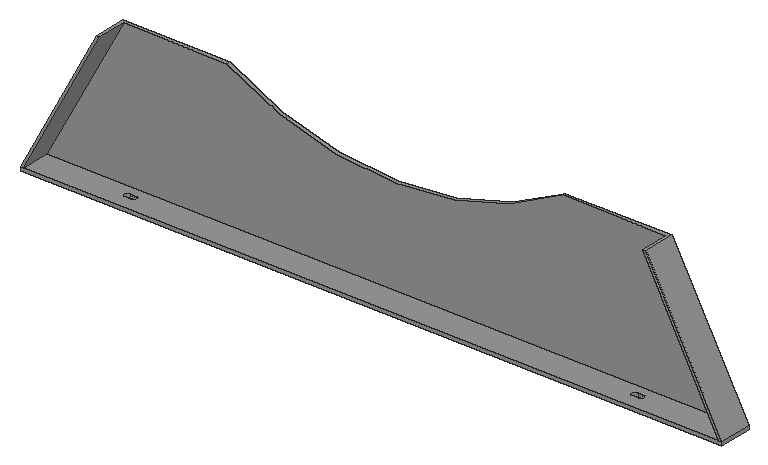
Revit family "О-ВО_Eng", category Duct Accessories, Revit 2021
Family settings
  Round Connector Dimension = Use Diameter
  Part Type = Attaches To
  Work Plane-Based = No
  Always vertical = Yes
  Cut with Voids When Loaded = No
  Shared = No
Parameters (values of type "O-VO-1000")
  Width = M  # 52 mm
  Weight = 7.20 kg
  Load Classification = "HVAC"
  Length = A  # 1120 mm
  Height = H  # 235 mm
  Default Elevation = 0 mm
  Manufacturer = "Vents"  # constant formula
  n = 4
  d = 8 mm
  a = 400 mm
  URL = "https://ventilation-system.com/series/o-vo"
  R4 = R3 - R2  # 130.556 mm
  R3 = R2 + H / 1.8  # 665.556 mm
  R2 = 535 mm
  R1 = 507 mm
  Maintenance zone material = none
  M1 = M - 5 mm  # 47 mm
  M = 52 mm
  Casing Material = Metal, painted, blue, matte RAL 5007
  H = 235 mm
  B1 = B - 10 mm  # 865 mm
  B = 875 mm
  A1 = A - 10 mm  # 1110 mm
  A = 1120 mm
  09_System_Name [instance] = ""
  00_20_Type = "O-VO-1000"
  00_20_Name = "Carrier"  # constant formula
  00_20_Manufacturer = "Vents"  # constant formula
Types (12, lengths in mm): name | Width | Weight | Length | Height | a | R4 | R3 | R2 | R1 | M1 | M | H | B1 | B | A1 | A | 00_20_Type
  (no name) | 52 | 7.20 kg | 1120 | 235 | 400 | 130.556 | 665.556 | 535 | 507 | 47 | 52 | 235 | 865 | 875 | 1110 | 1120 | "O-VO-1000"
  O-VO-400 | 45 | 1.15 kg | 510 | 115 | 160 | 63.889 | 288.889 | 225 | 207 | 40 | 45 | 115 | 385 | 395 | 500 | 510 | "O-VO-400"
  O-VO-450 | 45 | 1.30 kg | 560 | 125 | 180 | 69.444 | 319.444 | 250 | 232 | 40 | 45 | 125 | 425 | 435 | 550 | 560 | "O-VO-450"
  O-VO-500 | 45 | 1.40 kg | 610 | 130 | 200 | 72.222 | 352.222 | 280 | 257 | 40 | 45 | 130 | 470 | 480 | 600 | 610 | "O-VO-500"
  O-VO-560 | 45 | 1.60 kg | 670 | 140 | 230 | 77.778 | 387.778 | 310 | 287 | 40 | 45 | 140 | 515 | 525 | 660 | 670 | "O-VO-560"
  O-VO-630 | 45 | 1.80 kg | 740 | 150 | 255 | 83.333 | 428.333 | 345 | 322 | 40 | 45 | 150 | 565 | 575 | 730 | 740 | "O-VO-630"
  O-VO-710 | 45 | 2.00 kg | 820 | 160 | 280 | 88.889 | 473.889 | 385 | 362 | 40 | 45 | 160 | 620 | 630 | 810 | 820 | "O-VO-710"
  O-VO-800 | 45 | 2.35 kg | 910 | 180 | 315 | 100 | 530 | 430 | 407 | 40 | 45 | 180 | 695 | 705 | 900 | 910 | "O-VO-800"
  O-VO-900 | 52 | 6.30 kg | 1020 | 215 | 360 | 119.444 | 604.444 | 485 | 457 | 47 | 52 | 215 | 785 | 795 | 1010 | 1020 | "O-VO-900"
  O-VO-1000 | 52 | 7.20 kg | 1120 | 235 | 400 | 130.556 | 665.556 | 535 | 507 | 47 | 52 | 235 | 865 | 875 | 1110 | 1120 | "O-VO-1000"
  O-VO-1120 | 52 | 9.10 kg | 1240 | 270 | 460 | 150 | 745 | 595 | 567 | 47 | 52 | 270 | 992 | 1002 | 1230 | 1240 | "O-VO-1120"
  O-VO-1250 | 52 | 10.25 kg | 1370 | 285 | 510 | 158.333 | 818.333 | 660 | 632 | 47 | 52 | 285 | 1077 | 1087 | 1360 | 1370 | "O-VO-1250"
Reference planes
  plane 1 "По центру (Вперед/Назад)": y = 0
  plane 2: z = 0
  plane 3 "По центру (Влево/Вправо)": x = 0
Forms (mm)
  Extrusion 1, solid, material "Metal, painted, blue, matte RAL 5007" <- "Casing Material"
    sketch origin (0, 0, 0) x (1, 0, 0) y (0, 1, 0)
      loop
        line (-560, 52) -> (-560, 0) -> (560, 0) -> (560, 52) -> (-560, 52)
    from 0 to 5
  Extrusion 2, solid, material "Metal, painted, blue, matte RAL 5007" <- "Casing Material"
    sketch origin (0, 0, 0) x (1, 0, 0) y (0, 0, 1)
      loop
        line (-560, 5) -> (560, 5) -> (437.5, 235) -> (267.714, 235)
        arc (267.714, 235) -> (0, 158.556) -> (-267.714, 235) r 507
        line (-267.714, 235) -> (-437.5, 235) -> (-560, 5)
    from 0 to -52
  Extrusion 3, void
    sketch origin (0, 0, 0) x (1, 0, 0) y (0, 0, 1)
      loop
        line (-555, 5) -> (555, 5) -> (432.5, 235) -> (267.714, 235)
        arc (267.714, 235) -> (0, 158.556) -> (-267.714, 235) r 507
        line (-267.714, 235) -> (-432.5, 235) -> (-555, 5)
    from 0 to -47
  Extrusion 4, void
    sketch origin (0, 0, 0) x (1, 0, 0) y (0, 1, 0)
      loop
        arc (-409.99, 31) -> (-414.99, 26) -> (-409.99, 21) r 5
        line (-409.99, 21) -> (-400, 21)
        arc (-400, 21) -> (-395, 26) -> (-400, 31) r 5
        line (-400, 31) -> (-409.99, 31)
      loop
        line (409.99, 31) -> (400, 31)
        arc (400, 31) -> (395, 26) -> (400, 21) r 5
        line (400, 21) -> (409.99, 21)
        arc (409.99, 21) -> (414.99, 26) -> (409.99, 31) r 5
    from 5 to 0
Cuts and joins
  Extrusion 3 cuts Extrusion 2
  Extrusion 4 cuts Extrusion 1
Dimensions and locks
  equal spacing: Extrusion 1 sketch curve, plane 3 "По центру (Влево/Вправо)", Extrusion 1 sketch curve
  "A": Extrusion 1 sketch curve to Extrusion 1 sketch curve
  "M": Extrusion 1 sketch curve to Extrusion 1 sketch curve
  equal spacing: Extrusion 2 sketch curve, plane 3 "По центру (Влево/Вправо)", Extrusion 2 sketch curve  (x2)
  "B": Extrusion 2 sketch curve to Extrusion 2 sketch curve
  "A": Extrusion 2 sketch curve to Extrusion 2 sketch curve
  "R3": Extrusion 2 sketch curve to level
  "H": Extrusion 2 sketch curve to level  (x2)
  "M": plane 1 "По центру (Вперед/Назад)" to Extrusion 2
  "B1": Extrusion 3 sketch curve to Extrusion 3 sketch curve
  "A1": Extrusion 3 sketch curve to Extrusion 3 sketch curve
  equal spacing: Extrusion 3 sketch curve, plane 3 "По центру (Влево/Вправо)", Extrusion 3 sketch curve  (x2)
  "R3": Extrusion 3 sketch curve to level
  "H": Extrusion 3 sketch curve to level  (x2)
  "M1": plane 1 "По центру (Вперед/Назад)" to Extrusion 3
  equal spacing: Extrusion 1, Extrusion 4 sketch curve, cut or joined group of Extrusion 2, Extrusion 3
  "a": Extrusion 4 sketch curve to plane 3 "По центру (Влево/Вправо)"
  locked: Extrusion 4 sketch curve to Extrusion 4 sketch curve at 9.99  (x2)
  "a": plane 3 "По центру (Влево/Вправо)" to Extrusion 4 sketch curve
  equal spacing: plane 1 "По центру (Вперед/Назад)", Extrusion 4 sketch curve, cut or joined group of Extrusion 2, Extrusion 3
  "R1": radius of Extrusion 2 sketch curve
  "R1": radius of Extrusion 3 sketch curve
  aligned and locked: level to plane 2
  aligned and locked: plane 1 "По центру (Вперед/Назад)" to Extrusion 1
  aligned and locked: plane 1 "По центру (Вперед/Назад)" to Extrusion 2
  aligned and locked: plane 1 "По центру (Вперед/Назад)" to Extrusion 3
  aligned and locked: Extrusion 4 to level
  aligned and locked: Extrusion 1 to Extrusion 4
Automatic sketch dimensions
  plane 1 "По центру (Вперед/Назад)" to Extrusion 1 sketch curve = 0 mm
  Extrusion 2 sketch curve to plane 3 "По центру (Влево/Вправо)" = 0 mm
  level to Extrusion 2 sketch curve = 5 mm
  Extrusion 3 sketch curve to plane 3 "По центру (Влево/Вправо)" = 0 mm
  level to Extrusion 3 sketch curve = 5 mm
  Extrusion 4 sketch curve to Extrusion 4 sketch curve = 5 mm  (x2)
